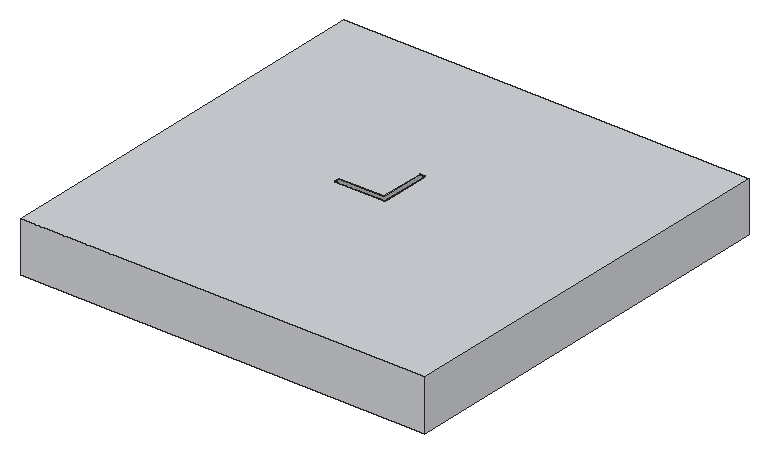
Revit family "LAMP_FIL 35 CORNER OPAL COMFORT TRIMLESS HC", category Luminarias, Revit 2018
Family settings
  Anfitrión = Cara
  Cota de conector redondo = Diámetro de uso
  Tipo de pieza = Normal
  Corte con vacíos al cargar = No
  Origen de luz = Sí
  Compartido = No
  Punto de cálculo de habitación = No
Parameters (values of type "534LM 3000K  WHITE")
  Ángulo de inclinación = -90.00°
  Weight = 1.23 kg
  Wattage = 2.93 W
  Type = "MID POWER TRIDONIC"
  built-in parameter 1150107 = 4000 (stored number, unit not read)
  Second light = LAMP_FIL 35 CORNER OPAL COMFORT SURFACE_SECOND : 3000K
  Recessed dimensions = "317x317x52"
  NOT COVER 2 [instance] = not(END COVER 2)  # no
  NOT COVER 1 [instance] = not(END COVER 1)  # no
  END COVER 2 [instance] = yes
  END COVER 1 [instance] = yes
  Suspension distance [instance] = if(Suspension > 4000 mm, 4000 mm, if(Suspension < 1 mm, 1 mm, Suspension))  # 200 mm
  Suspension [instance] = 200 mm
  built-in parameter 1150110 = 1 (stored number, unit not read)
  built-in parameter 1150109 = 1 (stored number, unit not read)
  built-in parameter 1150112 = 1 (stored number, unit not read)
  built-in parameter 1150113 = 1 (stored number, unit not read)
  built-in parameter 1114218 = 1 (stored number, unit not read)
  Protection rating = "IP20 / IK07"
  Product datasheet = "http://www.lamp.es/product-files/TECH/F31TRHCLOOC840NW-EN.pdf"
  Product code = "F31TRHCLOOC840NW"
  Product URL = "https://www.lamp.es/en/family/fil-35_413911"
  Power Supply = "220-240V 50/60Hz"
  Power = 5 W
  Plum = 6.1 W
  Photobiological risk = ""
  built-in parameter 1150137 = (empty or 0)
  built-in parameter 1150132 = 2
  Modelo = Product code  # "F31TRHCLOOC840NW"
  Model Explanation = ""
  Material suspension = LAMP_Acero genérico
  Material perfil = LAMP_Aluminio Perfil Fil BL
  Material difusor = LAMP_PC Difusor Opal Fil
  Manufacturer name = "LAMP"
  Manufacturer country = "Spain"
  Manufacturer URL = "http://www.lamp.es/en"
  MacAdam = "3"
  Last update = "24/05/2021"
  Lamp = "MID-POWER LED"
  LED Lifetime = "60.000 L80 B10"
  built-in parameter 1150105 = 119.95 (stored number, unit not read)
  built-in parameter 1150102 = (empty or 0)
  Insulation class = "I"
  Installation instructions = "https://www.lamp.es/product-files/INS/1004590-A%20INSTR.%20FIL35.pdf"
  built-in parameter 1150106 = 1.1995 (stored number, unit not read)
  IEE = "A+"
  Gear = "Electronic"
  Lumens = 303.548 lm
  Finish = "Matte white RAL 9010"
  Color Filter = 16777215
  built-in parameter 1114217 = 1 (stored number, unit not read)
  built-in parameter 1150139 = (empty or 0)
  Fabricante = Manufacturer name  # "LAMP"
  Default Elevation = 1219.2 mm
  built-in parameter 1150104 = 9.6248 (stored number, unit not read)
  Efficacy = 87.5 lm/W
  Dimensions = "311x311x35"
  Descripción = "FIL35 HORIZ CORNER TRIM 800 NW OP COM WH"
  built-in parameter 1150115 = 1 (stored number, unit not read)
  built-in parameter 1150114 = 1 (stored number, unit not read)
  built-in parameter 1150138 = (empty or 0)
  built-in parameter 1150134 = 3
  Dimming Lamp Color Temperature Shift = (empty or 0)
  CRI = "80"
  Archivo de red fotométrica = "F31SF084LOOP830NB.IES"
  built-in parameter 1150133 = 10 (stored number, unit not read)
Types (4, lengths in mm): name | built-in parameter 1150107 | Second light | Product datasheet | Product code | Modelo | Material perfil | Efficacy | Descripción
  534LM 3000K DALI WHITE | 3000 (stored number, unit not read) | LAMP_FIL 35 CORNER OPAL COMFORT SURFACE_SECOND : 3000K | "http://www.lamp.es/product-files/TECH/F31TRHCLOOC830DW-EN.pdf" | "F31TRHCLOOC830DW" | "F31TRHCLOOC830DW" | LAMP_Aluminio Perfil Fil NG | 87.5 lm/W | "FIL35 HOR CORNER TRIM 800 WW OP DA COM W"
  534LM 4000K DALI WHITE | 4000 (stored number, unit not read) | LAMP_FIL 35 CORNER OPAL COMFORT SURFACE_SECOND : 4000K | "http://www.lamp.es/product-files/TECH/F31TRHCLOOC840DW-EN.pdf" | "F31TRHCLOOC840DW" | "F31TRHCLOOC840DW" | LAMP_Aluminio Perfil Fil GR | 87.5 lm/W | "FIL35 HOR CORNER TRIM 800 NW OP DA COM W"
  534LM 3000K  WHITE | 4000 (stored number, unit not read) | LAMP_FIL 35 CORNER OPAL COMFORT SURFACE_SECOND : 3000K | "http://www.lamp.es/product-files/TECH/F31TRHCLOOC840NW-EN.pdf" | "F31TRHCLOOC840NW" | "F31TRHCLOOC840NW" | LAMP_Aluminio Perfil Fil BL | 87.5 lm/W | "FIL35 HORIZ CORNER TRIM 800 NW OP COM WH"
  577LM 4000K  WHITE | 3000 (stored number, unit not read) | LAMP_FIL 35 CORNER OPAL COMFORT SURFACE_SECOND : 4000K | "http://www.lamp.es/product-files/TECH/F31TRHCLOOC830NW-EN.pdf" | "F31TRHCLOOC830NW" | "F31TRHCLOOC830NW" | LAMP_Aluminio Perfil Fil NG | 94.6 lm/W | "FIL35 HORIZ CORNER TRIM 800 WW OP COM WH"
Reference planes
  plane 1 "Centro (Frontal/Posterior)": y = 0
  plane 2: z = 0
  plane 3 "Centro (Izquierda/Derecha)": x = 0
Forms (mm)
  Extrusion 1, solid
    sketch origin (0, 0, 0) x (1, 0, 0) y (0, 1, 0)
      loop
        line (-1219.2, 1219.2) -> (-1219.2, -1219.2) -> (1219.2, -1219.2) -> (1219.2, 1219.2) -> (-1219.2, 1219.2)
    from 0 to -304.8
  Sweep 2, solid, material "LAMP_PC Difusor Opal Fil" <- "Material difusor"
    path origin (-803.25, 0, 0) x (1, 0, 0) y (0, 1, 0)
      loop
        line (517.75, 0) -> (803.25, 0) -> (803.25, 285.5)
    profile origin (-142.75, 0, 0) x (0, 1, 0) y (0, 0, 1)
      loop
        line (-16.5, -2.5) -> (0, -2.5) -> (16.5, -2.5) -> (16.5, 0) -> (0, 0) -> (-16.5, 0) -> (-16.5, -2.5)
  Sweep 3, solid, material "LAMP_Aluminio Perfil Fil BL" <- "Material perfil"
    path origin (0, 0, 0) x (1, 0, 0) y (0, 1, 0)
      loop
        line (-285.5, 0) -> (0, 0) -> (0, 285.5)
    profile origin (-142.75, 0, 0) x (0, 1, 0) y (0, 0, 1)
      loop
        line (-17.5, -75.98) -> (0, -75.98) -> (17.5, -75.98) -> (17.5, -11.5) -> (25.5, -11.5) -> (25.5, -10) -> (17.5, -10) -> (17.5, -1) -> (16.5, 0) -> (16.5, -22.8) -> (0, -22.8) -> (-16.5, -22.8) -> (-16.5, 0) -> (-17.5, -1) -> (-17.5, -10) -> (-25.5, -10) -> (-25.5, -11.5) -> (-17.5, -11.5) -> (-17.5, -75.98)
Text (mm)
  text "Any modification of the parameters and properties of the LAMP BIM models must be executed and validated by the LAMP technical department.\nPhone: +34 93 736 68 00\nE-mail: lamp@lamp.es\n\nLAMP reserves the right to modify the technical specifications of its products." at (3242.142, 5285.086, -2758.731), in view "Preview"
Dimensions and locks
  aligned and locked: plane 2 to Extrusion 1
  aligned and locked: level to Extrusion 1
Nested families
  nested 1: "LAMP_FIL 35 CORNER OPAL COMFORT SURFACE_SECOND" at (-135.25, -0.019, -1500), type "3000K"
  nested 2: "LAMP_FIL 35 END COVER TRIMLESS" at (0, 286.5, -76), visible <- "END COVER 2", type "Blanco"
  nested 3: "LAMP_FIL 35 END COVER TRIMLESS" at (-286.5, 0, -76) x (0, 1, 0) z (0, 0, 1), visible <- "END COVER 1", type "Blanco"
Definition of nested family "LAMP_FIL 35 END COVER TRIMLESS"
  Parameters (values of type "Blanco")
    Material tapa = none
  Reference planes
    plane 1 "Centro (Frontal/Posterior)": y = 0
    plane 2: z = 0
    plane 3 "Centro (Izquierda/Derecha)": x = 0
  Forms (mm)
    Extrusion 1, solid, material <- "Material tapa"
      sketch origin (0, 0, 0) x (0, -1, 0) y (0, 0, 1)
        loop
          line (0, 0) -> (1, 0) -> (1, 76) -> (-1, 76) -> (-1, 0) -> (0, 0)
      from -17.5 to 17.5
    Extrusion 2, void
      sketch origin (-1, 0, 65.55) x (1, 0, 0) y (0, 0, 1)
        loop
          line (18.5, 0) -> (18.5, 10.45) -> (17.5, 10.45) -> (17.5, 0) -> (18.5, 0)
      from -23.5 to 23.5
    Extrusion 3, void
      sketch origin (1, 0, 65.55) x (-1, 0, 0) y (0, 0, -1)
        loop
          line (18.5, 0) -> (17.5, 0) -> (17.5, -10.45) -> (18.5, -10.45) -> (18.5, 0)
      from -23.5 to 23.5
  Cuts and joins
    Extrusion 2, Extrusion 3 cuts Extrusion 1
  Dimensions and locks
    aligned and locked: level to plane 2
Definition of nested family "LAMP_FIL 35 CORNER OPAL COMFORT SURFACE_SECOND"
  Parameters (values of type "3000K")
    Tilt Angle = -90.00°
    Wattage = 2.93 W
    built-in parameter 1150110 = 1 (stored number, unit not read)
    built-in parameter 1114217 = 1 (stored number, unit not read)
    built-in parameter 1150109 = 1 (stored number, unit not read)
    built-in parameter 1150134 = (empty or 0)
    built-in parameter 1150113 = 1 (stored number, unit not read)
    Lumens = 303.548 lm
    built-in parameter 1150115 = 1 (stored number, unit not read)
    built-in parameter 1150105 = 24.156 (stored number, unit not read)
    built-in parameter 1150137 = (empty or 0)
    built-in parameter 1150139 = (empty or 0)
    built-in parameter 1150112 = 1 (stored number, unit not read)
    built-in parameter 1150114 = 1 (stored number, unit not read)
    built-in parameter 1150132 = 2
    built-in parameter 1150102 = (empty or 0)
    built-in parameter 1150138 = (empty or 0)
    built-in parameter 1150107 = 3000 (stored number, unit not read)
    built-in parameter 1150106 = 0.24156 (stored number, unit not read)
    built-in parameter 1150104 = 9.6248 (stored number, unit not read)
    Dimming Lamp Color Temperature Shift = (empty or 0)
    Color Filter = 16777215
    built-in parameter 1114218 = 1 (stored number, unit not read)
    Photometric Web File = "F31SF084LOOP830NB.IES"
    built-in parameter 1150133 = 10 (stored number, unit not read)
  Types (3, lengths in mm): name | built-in parameter 1150134 | built-in parameter 1150107 | Photometric Web File
    (no name) | (empty or 0) | 3000 (stored number, unit not read) | "F31SF084LOOP830NB.IES"
    3000K | (empty or 0) | 3000 (stored number, unit not read) | "F31SF084LOOP830NB.IES"
    4000K | 12 | 4000 (stored number, unit not read) | "F31SF084LOOP840NB.IES"
  Reference planes
    plane 1 "Eje de origen de luz (F/P)": y = 0
    plane 2: z = 0
    plane 3 "Eje de origen de luz (I/D)": x = 0
    plane 4 "Elevación de origen de luz": z = 1500
  Dimensions and locks
    aligned and locked: plane 3 "Eje de origen de luz (I/D)" to imposter light
    aligned and locked: plane 1 "Eje de origen de luz (F/P)" to imposter light
    aligned and locked: plane 4 "Elevación de origen de luz" to imposter light
    aligned and locked: level to plane 2
